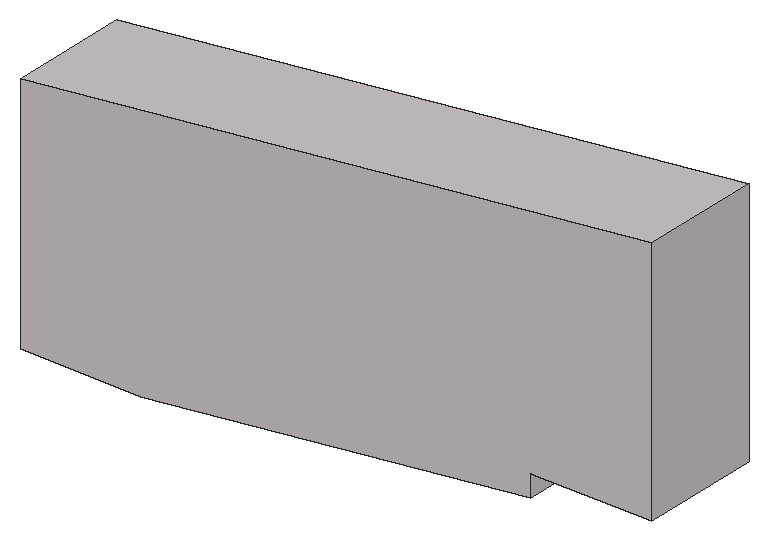
Revit family "bfa60048e2e841fd9cca666cfbdec259", category Structural Framing, Revit 2021
Family settings
  Display in Hidden Views = Edges Hidden by Other Members
  Structural Framing Length Roundoff = 0' - 0"
  Section Shape = Not Defined
  Material for Model Behavior = Precast Concrete
  Always export as geometry = No
  OmniClass Number = 23.25.30.11.14.14
  OmniClass Title = Beams
  Seek Item ID = Precast-Rectangular Sloped Beam-0000-USA-ENU
  Always vertical = Yes
  Cut with Voids When Loaded = No
  Symbolic Representation = From Family
  Shared = No
  Show family pre-cut in plan views = Yes
Parameters (values of type "16"x32"")
  Width = 1' - 4"
  Tie Rod Weight [instance] = 30
  Tie Rod W [instance] = (Tie Rod Weight) * 2.20313 kip / 1000  # 0.0660938 kip
  Structural Material [instance] = Concrete, Precast
  Single Rebar Weight [instance] = 50
  Single Rebar W [instance] = (Single Rebar Weight * 2.20313 kip) / 1000  # 0.110156 kip
  Rebar Grids Weight [instance] = 100
  Rebar Grids W [instance] = (Rebar Grids Weight * 2.20313 kip) / 1000  # 0.220313 kip
  Height [instance] = tan(Slope Angle) * Extension 2  # 0' - 1.89474"
  Slope Height [instance] = 0' - 9"
  Extension 2 [instance] = 1' - 4"
  Extension 1 [instance] = 1' - 4"
  Depth = 2' - 8"
  Assembly Code = ""
  Length [instance] = 5' - 0"
  Slope Angle [instance] = atan(Slope Height / (Length + Extension 2))  # 6.75357°
Types (3): name | Width | Depth
  (no name) | 1' - 4" | 2' - 8"
  12"x24" | 1' - 0" | 2' - 0"
  16"x32" | 1' - 4" | 2' - 8"
Reference planes (in)
  plane 1 "Center (Front/Back)": y = 0
  plane 2: z = 0
  plane 3 "Center (Left/Right)": x = 0
  plane 4 "Member Left": x = -25.74878
  plane 5 "Member Right": x = 25.74878
  plane 6 "Left": x = -29.68579
  plane 7 "Right": x = 30.31421
  plane 8: z = 16
  plane 9: x = -41.74878
  plane 10: y = -8
  plane 11: y = 8
  plane 12: x = 41.74878
  plane 13: z = -16
  plane 14: z = -8.89474
  plane 15: z = -7
Forms (in)
  Extrusion 1, solid, material "Concrete, Precast" <- "Structural Material"
    sketch origin (0, 0, 0) x (1, 0, 0) y (0, 0, 1)
      loop
        line (-41.74878, 16) -> (-41.74878, -16) -> (-25.74878, -16) -> (25.74878, -9.9016) -> (25.74878, -7) -> (41.74878, -7) -> (41.74878, 25.88787) -> (-41.74878, 16)
    from -8 to 8
Lines and regions (in)
  reference lines
    curve 1: line (-25.74878, 0, -16) -> (31.35114, 0, -9.23817)
    curve 2: line (-41.74878, 0, 16) -> (-29.23778, 0, 17.48157)
Dimensions and locks (in)
  "Length": plane 6 "Left" to plane 7 "Right"
  locked: level to plane 2
  equal spacing: plane 11, plane 1 "Center (Front/Back)", plane 10
  "Width": plane 11 to plane 10
  equal spacing: plane 8, plane 2, plane 13
  "Depth": plane 8 to plane 13
  "Height": plane 15 to plane 14
  "Slope Height": plane 15 to plane 13
  "Extension 1": plane 9 to plane 4 "Member Left"
  "Extension 2": plane 5 "Member Right" to plane 12
  "Slope Angle": angle plane 13 to curve 1
  "Slope Angle": angle plane 13 to curve 2
  aligned and locked: plane 12 to Extrusion 1 sketch curve
  aligned and locked: Extrusion 1 sketch curve to plane 13
  aligned and locked: Extrusion 1 to plane 11
  aligned and locked: Extrusion 1 to plane 10
  aligned and locked: plane 13 to curve 1
  aligned and locked: Extrusion 1 sketch curve to curve 1
  aligned and locked: plane 8 to Extrusion 1 sketch curve
  aligned and locked: plane 9 to curve 2
  aligned and locked: plane 8 to curve 2
  aligned and locked: Extrusion 1 sketch curve to curve 2
  aligned and locked: Extrusion 1 sketch curve to plane 15
  aligned and locked: plane 4 "Member Left" to Extrusion 1 sketch curve
  aligned and locked: Extrusion 1 sketch curve to plane 5 "Member Right"
Automatic sketch dimensions
  plane 4 "Member Left" to curve 1 = 0' - 0"
